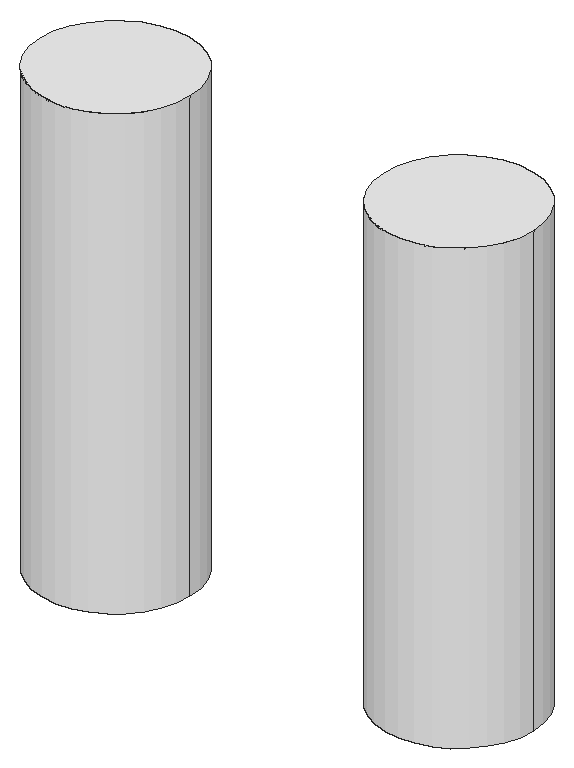
Revit family "93602009(2023)", category Plumbing Fixtures, Revit 2020
Family settings
  Round Connector Dimension = Use Diameter
  Part Type = Normal
  OmniClass Number = 23.45.55.00
  OmniClass Title = Sanitary Faucets, Wastes
  Work Plane-Based = No
  Always vertical = Yes
  Cut with Voids When Loaded = No
  Shared = No
  Room Calculation Point = No
Parameters (values of type "93602009 Washbasin faucet, 230/9 V, Bluetooth")
  Working Pressure = "100 - 1000 kPa"
  WarrantyStartDate [instance] = "n/a"
  WarrantyGuarantorParts = "n/a"
  WarrantyGuarantorLabor = "n/a"
  WarrantyDurationUnit = "Year"
  WarrantyDurationParts = "n/a"
  WarrantyDurationLabor = "n/a"
  WarrantyDescription = "http://warranty.hansa.com"
  Warranty Information URL = "http://warranty.hansa.com"
  VersionDate = "01/06/2023"
  Version = "1"
  ValvePattern = "n/a"
  ValveOperation = "n/a"
  ValveMechanism = "n/a"
  Uniclass2015Reference = "Pr_40_20_87_96"
  Uniclass2015Description = "Washbasin manual water supply sets"
  Uniclass2 = "Pr_40_30_96_96"
  URL WEEE = "http://static.hansa.com/WEEE/93602009"
  URL UWL = "http://static.hansa.com/UWL/93602009"
  URL REACH = "http://static.hansa.com/doc/reach"
  URL EcoLabel Declaration = "http://static.hansa.com/doc/EcoLabel"
  URL EU Packaging Declaration = "http://static.hansa.com/doc/packaging"
  URL Declaration of SCIP = "http://static.hansa.com/doc/SCIP"
  URL Declaration of Conformity = "http://static.hansa.com/DoC/93602009"
  URL Declaration of Asbestos = "http://static.hansa.com/doc/asbestos"
  URL Declaration Of Performance (DOP) = "http://static.hansa.com/doc/DoP"
  URL = ""
  UNSPSC Class Number = "30181700 Faucets or taps"
  Type Comments = ""
  TestPressure = "n/a"
  Temperature Adjustments = "Adjustable hot water stop (included, retrofittable)"
  Technical DataSheet URL = "http://www.hansa.com/datasheet/93602009/en"
  TagNumber [instance] = "n/a"
  SustainabilityPerformance = "n/a"
  Surface treatment = "Chrome"
  Spout Type = "Fixed spout"
  Spout Projection = "124 mm"
  Size = "70x170x190 mm"
  Shape = "Sculptured"
  SerialNumber [instance] = "n/a"
  Sales Package dimensions (LxWxH) = "568 x 182 x 78"
  Revision = "n/a"
  ReplacementCost = "n/a"
  Protection Class = "IP 55 / transformer IP 20"
  ProductInformation = "n/a"
  Product URL = "http://static.hansa.com/93602009"
  Product Image URL = "http://static.hansa.com/image/93602009"
  Product Family = "HANSAELECTRA Safety"
  Product Code = "93602009"
  OperatingMechanismMaterial = "n/a"
  Operating Voltage = 9 V
  Operating Distance = "20-130 mm (110/130/160 mm)"
  NominalWidth = 68.942 mm
  NominalHeight = 190.012 mm
  NominalDepth = 167.912 mm
  Noise Class = "I (ISO 3822) "
  Name_en = "93602009 Washbasin faucet, 230/9 V, Bluetooth"
  Name = "93602009 Washbasin faucet, 230/9 V, Bluetooth"
  NBSReference = "45-35-70/371"
  NBSDescription = "Water supply fittings for wash basins and troughs"
  Mounting Holes = "1 hole"
  ModelReference = "93602009"
  ModelNumber = "n/a"
  Model = "93602009 Washbasin faucet, 230/9 V, Bluetooth"
  Mobile Product Information URL = "http://mpi.hansa.com/93602009"
  Mechanical Parts = "Mixing valve for manual temperature control;Non-return valve(s);Litter filter(s)"
  Max. Hot Water Supply = 70 °C
  Max Flow Period = "2 min (1 - 1800 s)"
  Material = "Brass"
  Market = "International;Germany;Austria;Switzerland;Belgium;Netherlands;Italy"
  ManufacturerURL = "http://www.hansa.com"
  ManufacturerName = "HANSA"
  Manufacturer = "HANSA"
  Long Marketing = "Electra 93 series give you a clean classic design with beautiful round body flowing into round spout design with a clear design line framing the faucet design.\nA Classic design with improved height for any installation.\n\nKey Features\nAerator with Tilt function +/- 10° for more flexible installation\nNewest Sensor technology for better detection and operation comfort\nBluetooth technology for easy adjustment to personalize settings \nAntiscalding protection\nTemperature measurement\nPower Plug"
  Lever Handle = "Temperature control handle"
  Keynote = ""
  InstallationDate [instance] = "n/a"
  Installation Type = "Deck mounted"
  InletConnectionSize = 10 mm
  IfcExportType = "FAUCET"  # constant formula
  IfcExportAs = "IfcValveType"  # constant formula
  Group = "Washbasin faucet"
  Grade = "n/a"
  FlowCoefficient = 0
  Flow Rate At 300kPa With Flow Controller = 0.09 L/s
  Flow Drawing URL = "http://static.hansa.com/flowchart/93602009"
  Finish = "Polished"
  Features = "Touchless;Plug transformer;Bluetooth®"
  FaucetMainMaterial = Brass
  FDV Document URL = "http://www.hansa.com/datasheet/93602009/en/fdv"
  ExpectedLife = "n/a"
  Electronic Parts = ";Power supply;Light indicated function(s)"
  Electrical Connection = "230 / 9 V"
  ETIM Class Number = "EC010340 Electronic tap"
  EN Standard = "EN 15091"
  EMC Directive = "2014/53/EU , 2011/65/EU"
  EAN Number = "4057304019609"
  DurationUnit = "Year"
  Dimension Drawing URL = "http://static.hansa.com/dimdrw/93602009"
  Description = ""
  DefaultElevation [instance] = 900 mm
  Default Elevation = 0 mm
  Constituents = "n/a"
  Connection Size = "G3/8"
  Connection = "Flexible inlet pipes"
  Color = "Chrome"
  CodePerformance = "n/a"
  CloseOffRating = 0
  Catalog Drawing URL = "http://static.hansa.com/catdrw/93602009"
  CO2 Emissions (D) = -9.3
  CO2 Emissions (C4) = 0.35
  CO2 Emissions (C3) = 0.03
  CO2 Emissions (C2) = 0.02
  CO2 Emissions (C1) = 0
  CO2 Emissions (B7) = 430
  CO2 Emissions (A4) = 0.47
  CO2 Emissions (A1-A3) = 12.75
  Brand = "HANSA"
  BodyMaterial = "Brass"
  Bluetooth = "5.x (D060576)"
  Barcode [instance] = "n/a"
  Backflow Prevention EN1717 = "AA"
  BIMObjectName = "93602009(2023)"
  Automatic Flush Period = "30 s (1-1800 s)"
  Automatic Flush Frequency = "off (off/1-120 h)"
  Author = "BIMStone"
  AssetType = "Fixed"
  AssetIdentifier [instance] = "n/a"
  Afterflow Period = "3 s (1-20 s)"
  Aerator = "PCA® - constant flow rate regardless of pressure variations;Adjustable flow angle"
  Advanced Features = "3S-installation system for safe and simple mounting"
  AccessibilityPerformance = "n/a"
  2D/3D/BIM Files URL = "http://static.hansa.com/bim/93602009"
Reference planes
  plane 1 "Center (Front/Back)": y = 0
  plane 2: z = 0
  plane 3 "Center (Left/Right)": x = 0
  plane 4: x = -27.96
  plane 5: z = 900
  plane 6: z = 870
  plane 7: y = -167.912
  plane 8: x = 27.96
  plane 9: z = 1090.012
  plane 10: x = 40.982
Forms (mm)
  Extrusion 1, solid, material "Brass" <- "FaucetMainMaterial"
    sketch origin (0, -2.393, 0) x (1, 0, 0) y (0, 1, 0)
      loop
        circle (-11.5, -22.5) r 5
      loop
        circle (11.5, -22.5) r 5
    from 870 to 900
Dimensions and locks
  "DefaultElevation": plane 5 to level
  locked: plane 5 to plane 6 at 30
  "NominalDepth": plane 7 to plane 1 "Center (Front/Back)"
  equal spacing: plane 4, plane 3 "Center (Left/Right)", plane 8
  "NominalHeight": plane 9 to plane 5
  locked: plane 8 to plane 10 at 13.022
  "NominalWidth": plane 4 to plane 10
  "InletConnectionSize": diameter of Extrusion 1 sketch curve  (x2)
  aligned and locked: level to plane 2
  aligned and locked: plane 5 to Extrusion 1
  aligned and locked: Extrusion 1 to plane 6
  aligned and locked: plane 1 "Center (Front/Back)" to nested 2
  aligned and locked: plane 3 "Center (Left/Right)" to nested 2
  aligned and locked: plane 3 "Center (Left/Right)" to nested 1
  aligned and locked: plane 1 "Center (Front/Back)" to nested 1
  aligned and locked: plane 5 to nested 2
Automatic sketch dimensions
  Extrusion 1 sketch curve to plane 3 "Center (Left/Right)" = 11.5 mm
  plane 3 "Center (Left/Right)" to Extrusion 1 sketch curve = 11.5 mm
  plane 1 "Center (Front/Back)" to Extrusion 1 sketch curve = 24.893 mm
  Extrusion 1 sketch curve to Extrusion 1 sketch curve = 0 mm
Nested families
  nested 1: "Symbol" at (0, 0, 0), type "Symbol", detail levels coarse
  nested 2: "93602009(2023)_Body" at (0, 0, 900), Material <- "FaucetMainMaterial", type "93602009(2023)_Body"
    with Material Brass
Connectors
  piping at (-11.5, -24.893, 870), diameter 10, driven by "InletConnectionSize"
    settings: on Extrusion 1, index 1, connector inside diameter 609.6 mm, connector length 0 mm, flow factor 0, pipe flow 0.2 L/s, pressure drop 0.0 Pa, fitting loss kfactor 0, connector angle 0.00°, fixture units 0, engagement length 0 mm, angle of deflection 0.00°, flow configuration 1, flow direction 1, fitting loss method 0, system type 19, joint type 0, gender type 0, connector reference index -1, connector utility 0, adjustable connector no, is connector primary yes, connector description ""
  piping at (11.5, -24.893, 870), diameter 10, driven by "InletConnectionSize"
    settings: on Extrusion 1, index 2, connector inside diameter 609.6 mm, connector length 0 mm, flow factor 0, pipe flow 0.2 L/s, pressure drop 0.0 Pa, fitting loss kfactor 0, connector angle 0.00°, fixture units 0, engagement length 0 mm, angle of deflection 0.00°, flow configuration 1, flow direction 1, fitting loss method 0, system type 20, joint type 0, gender type 0, connector reference index -1, connector utility 0, adjustable connector no, is connector primary no, connector description ""
Definition of nested family "Symbol"
  Reference planes
    plane 1: y = 0
    plane 2: x = 0
  Lines and regions (mm)
    detail lines
      curve 1: line (0, 0, 0) -> (0, -1.8, 0)
      curve 2: line (-0.4, -1.1, 0) -> (0.4, -1.1, 0)
      curve 3: line (-0.4, -1.4, 0) -> (0.4, -1.4, 0)
      curve 4: line (0.863, 0, 0) -> (-0.863, 0, 0)
      curve 5: circle (-1.163, 0, 0) r 0.3 normal (0, 0, -1)
      curve 6: circle (1.163, 0, 0) r 0.3 normal (0, 0, 1)
